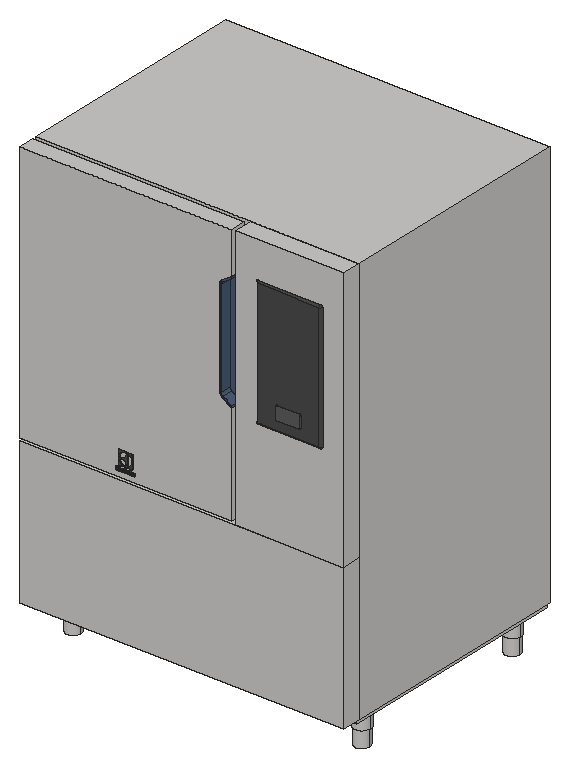
Revit family "QF_ELECTROLUXPROFESSIONAL_727741_EBFA12RE", category Specialty Equipment, Revit 2018 (continued)
Definition of nested family "ELX_Logo_Symbol"
  Reference planes
    plane 1 "Centro (Fronte/Retro)": y = 0
    plane 2: z = 0
    plane 3 "Centro (Sinistra/Destra)": x = 0
  Forms (mm)
    Extrusion 1, solid
      sketch origin (0, 0, 0) x (1, 0, 0) y (0, 1, 0)
        loop
          line (-1219.2, 1219.2) -> (-1219.2, -1219.2) -> (1219.2, -1219.2) -> (1219.2, 1219.2) -> (-1219.2, 1219.2)
      from 0 to -304.8
    Extrusion 2, solid, material <- "M"
      sketch origin (94.462, 558.781, 0) x (1, 0, 0) y (0, 1, 0)
        loop
          line (-101.645, -583.129) -> (-101.645, -534.543)
          arc (-101.645, -534.543) -> (-119.606, -558.836) -> (-101.645, -583.129) r 25.41
        loop
          arc (-99.174, -583.129) -> (-78.968, -578.537) -> (-69.233, -560.244) r 24.902
          line (-69.233, -560.244) -> (-77.271, -560.244)
          arc (-77.271, -560.244) -> (-91.631, -566.073) -> (-99.174, -579.611) r 23.341
          line (-99.174, -579.611) -> (-99.174, -583.129)
        loop
          arc (-99.174, -538.061) -> (-91.631, -551.599) -> (-77.271, -557.427) r 23.341
          line (-77.271, -557.427) -> (-69.233, -557.427)
          arc (-69.233, -557.427) -> (-78.952, -538.984) -> (-99.174, -533.918) r 25.553
          line (-99.174, -533.918) -> (-99.174, -538.061)
        loop
          line (-67.388, -585.781) -> (-67.388, -531.781) -> (-121.462, -531.781) -> (-121.462, -585.781) -> (-67.388, -585.781)
      from 0 to 1.644
  Dimensions and locks
    aligned and locked: plane 2 to Extrusion 1
    aligned and locked: level to Extrusion 1
